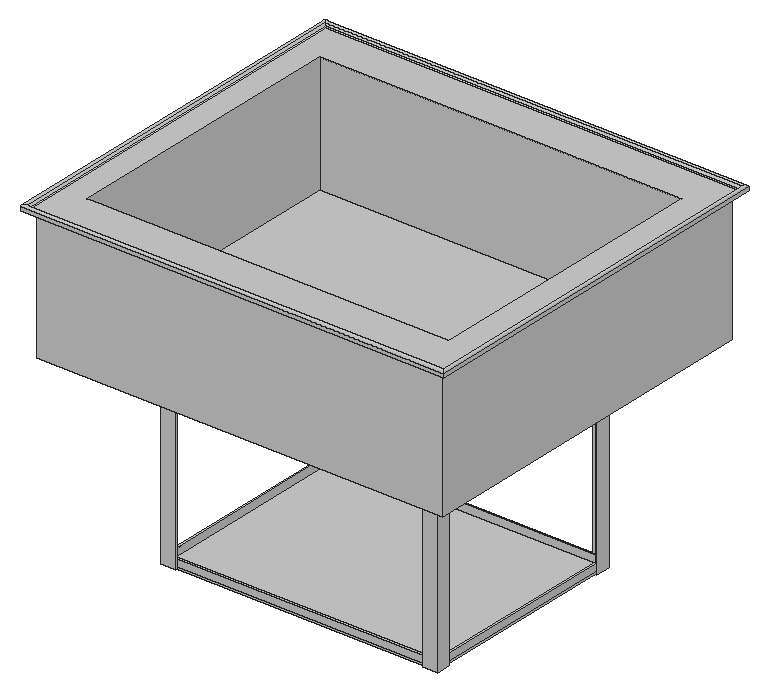
Revit family "QF_VOLLRATH_FC-4CP-02120-R", category Specialty Equipment, Revit 2016
Family settings
  Part Type = Normal
  Round Connector Dimension = Use Diameter
  OmniClass Number = 23.40.40.14.24.14
  OmniClass Title = Service Line Equipment
  Work Plane-Based = Yes
  Always vertical = Yes
  Cut with Voids When Loaded = Yes
  Shared = No
  Room Calculation Point = No
Parameters (values of type "FC-4CP-02120-R")
  Weight in Pounds = 103
  Watts = 384 W
  Waste Water Discharge Temperature [instance] = 0 °F
  Waste Remarks = ""
  Volts = 120 V
  URL Cutsheet = "www.vollrathfoodservice.com/downloads/211929/SPCDrop-InStandardRefrigL36186FC-4CP-pdf"
  URL = "www.vollrathfoodservice.com"
  Status [instance] = ""
  Specification by User [instance] = ""
  Specification by Manufacturer = ""
  Serial Number = ""
  Seismic Rating = ""
  SMACNA No = ""
  Revision Code [instance] = ""
  Plumbing Remarks [instance] = ""
  Plumbing Connection Type [instance] = ""
  Phase = 1
  Number of Poles = 1
  NAFEM Spec ID Number = ""
  Model = "FC-4CP-02120-R"
  Min Ckt Ampacity = 0 A
  Max Overcurrent Protection = 10 A
  Masterspec = ""
  Manufacturer = "VOLLRATH US"
  Item Number [instance] = ""
  Installed By [instance] = ""
  Identify Quantity as Lot [instance] = no
  HP = "0.5"
  Furnished By [instance] = ""
  Foodservice Equipment Identifier [instance] = yes
  FL Amps = 3.2 A
  Electrical Remarks [instance] = ""
  Electric Connection Type [instance] = "Plug&Receptacle"
  Elec Conn RI Height [instance] = 0"
  Elec Conn Connection Height [instance] = 0"
  Direct Waste Size = 1"
  Direct Waste RI Height = 0"
  Direct Waste Flow = 0 GPM
  Direct Waste Connection Height = 0"
  Description = "TWO-WELL 120-VOLT STANDARD REFRIGERATED MODULAR DROP-IN COLD WELL WITH FLAT FLANGE"
  Default Elevation = 0"
  Cycle = 60 Hz
  Conn Plug = "NEMA 5-15P"
  Conn Conduit [instance] = no
  CSI MasterFormat = ""
  Author = ""
  Assembly Code = "E1090320"
  Apparent Power = 384 VA
Reference planes (in)
  plane 1 "Back": y = 0
  plane 2: z = 0
  plane 3 "Left": x = 0
  plane 4 "Front": y = -26
  plane 5 "Top": z = 0
  plane 6 "Right": x = 29
Forms (in)
  Extrusion 1, void
    sketch origin (0, 0, 0) x (1, 0, 0) y (0, 1, 0)
      loop
        line (28.625, -0.375) -> (0.375, -0.375) -> (0.375, -25.625) -> (28.625, -25.625) -> (28.625, -0.375)
    from 3.27425 to -22.375
  Extrusion 2, solid
    sketch origin (0, 0, 0) x (1, 0, 0) y (0, 1, 0)
      loop
        line (28.375, -0.625) -> (0.625, -0.625) -> (0.625, -25.375) -> (28.375, -25.375) -> (28.375, -0.625)
      loop
        line (2.125, -3.0625) -> (2.125, -22.9375) -> (26.875, -22.9375) -> (26.875, -3.0625) -> (2.125, -3.0625)
    from 0 to 0.14643
  Extrusion 3, solid
    sketch origin (0, 0, 0) x (1, 0, 0) y (0, 1, 0)
      loop
        line (0.625, -0.625) -> (0.625, -25.375) -> (28.375, -25.375) -> (28.375, -0.625) -> (0.625, -0.625)
      loop
        line (26.875, -22.9375) -> (26.875, -3.0625) -> (2.125, -3.0625) -> (2.125, -22.9375) -> (26.875, -22.9375)
    from 0 to -9.067
  Sweep 4, solid
    path origin (0, 0, 0) x (1, 0, 0) y (0, 1, 0)
      loop
        line (0.34375, -0.34375) -> (0.34375, -25.65625) -> (28.65625, -25.65625) -> (28.65625, -0.34375) -> (0.34375, -0.34375)
    profile origin (14.5, -0.34375, 0) x (0, 1, 0) y (0, 0, 1)
      loop
        line (0.34375, 0) -> (0.34375, 0.24548)
        arc (0.34375, 0.24548) -> (0.25632, 0.36797) -> (0.11207, 0.3251) r 0.12952
        line (0.11207, 0.3251) -> (0.00446, 0.18703)
        arc (0.00446, 0.18703) -> (-0.03241, 0.15713) -> (-0.07866, 0.14643) r 0.10539
        line (-0.07866, 0.14643) -> (-0.28125, 0.14643) -> (-0.28125, 0) -> (0.34375, 0)
  Extrusion 5, solid
    sketch origin (0, 0, 2.308) x (1, 0, 0) y (0, 1, 0)
      loop
        line (26.875, -3.0625) -> (2.125, -3.0625) -> (2.125, -22.9375) -> (26.875, -22.9375) -> (26.875, -3.0625)
      loop
        circle (25.22195, -6.65142) r 0.75
    from -11.375 to -10.305
  Extrusion 6, solid
    sketch origin (5.95684, -178.4845, -22.25) x (-1, 0, 0) y (0, -1, 0)
      loop
        line (0.80059, -172.7345) -> (-0.07441, -172.7345) -> (-0.07441, -172.8595) -> (0.92559, -172.8595) -> (0.92559, -171.8595) -> (0.80059, -171.8595) -> (0.80059, -172.7345)
      loop
        line (-17.88691, -172.7345) -> (-17.88691, -171.8595) -> (-18.01191, -171.8595) -> (-18.01191, -172.8595) -> (-17.01191, -172.8595) -> (-17.01191, -172.7345) -> (-17.88691, -172.7345)
      loop
        line (0.80059, -158.3285) -> (0.80059, -159.2035) -> (0.92559, -159.2035) -> (0.92559, -158.2035) -> (-0.07441, -158.2035) -> (-0.07441, -158.3285) -> (0.80059, -158.3285)
      loop
        line (-17.88691, -158.3285) -> (-17.01191, -158.3285) -> (-17.01191, -158.2035) -> (-18.01191, -158.2035) -> (-18.01191, -159.2035) -> (-17.88691, -159.2035) -> (-17.88691, -158.3285)
    from -0.125 to 13.183
  Extrusion 7, solid
    sketch origin (5.95684, -178.4845, -22.375) x (-1, 0, 0) y (0, -1, 0)
      loop
        line (0.80059, -172.7345) -> (0.80059, -158.3285) -> (-17.88691, -158.3285) -> (-17.88691, -172.7345) -> (0.80059, -172.7345)
    from 0 to 0.125
  Extrusion 8, solid
    sketch origin (8.28434, -20.156, -22.25) x (1, 0, 0) y (0, 0, -1)
      loop
        line (-3.12809, -13.183) -> (15.55941, -13.183) -> (15.55941, -12.183) -> (-3.12809, -12.183) -> (-3.12809, -13.183)
    from 0 to 0.125
  Extrusion 9, solid
    sketch origin (8.28434, -5.75, -22.25) x (1, 0, 0) y (0, 0, 1)
      loop
        line (-3.12809, 13.183) -> (-3.12809, 12.183) -> (15.55941, 12.183) -> (15.55941, 13.183) -> (-3.12809, 13.183)
    from 0 to 0.125
  Extrusion 10, solid
    sketch origin (5.15625, -19.281, -22.25) x (0, -1, 0) y (0, 0, -1)
      loop
        line (0, -13.183) -> (0, -12.183) -> (-1.125, -12.183) -> (-1.125, -13.183) -> (0, -13.183)
      loop
        line (-12.656, -13.183) -> (-11.531, -13.183) -> (-11.531, -12.183) -> (-12.656, -12.183) -> (-12.656, -13.183)
    from 0 to -0.125
  Extrusion 11, solid
    sketch origin (23.84375, -19.281, -22.25) x (0, -1, 0) y (0, 0, 1)
      loop
        line (0, 13.183) -> (-1.125, 13.183) -> (-1.125, 12.183) -> (0, 12.183) -> (0, 13.183)
      loop
        line (-12.656, 13.183) -> (-12.656, 12.183) -> (-11.531, 12.183) -> (-11.531, 13.183) -> (-12.656, 13.183)
    from 0 to -0.125
  Extrusion 12, solid
    sketch origin (0, 0, -0.375) x (1, 0, 0) y (0, 1, 0)
      loop
        line (23.84375, -5.75) -> (5.15625, -5.75) -> (5.15625, -20.156) -> (23.84375, -20.156) -> (23.84375, -5.75)
      loop
        line (5.28125, -20.031) -> (23.71875, -20.031) -> (23.71875, -5.875) -> (5.28125, -5.875) -> (5.28125, -20.031)
    from -21.875 to -21.375
  Extrusion 13, solid
    sketch origin (0.75, 0, -0.375) x (1, 0, 0) y (0, 1, 0)
      loop
        circle (24.47195, -6.65142) r 0.5
      loop
        circle (24.47195, -6.65142) r 0.75
    from -8.692 to -7.622
  Extrusion 14, solid
    sketch origin (0, 0, -0.39384) x (1, 0, 0) y (0, 1, 0)
      loop
        circle (14.5, -13) r 0.25
    from -8.92316 to -8.67316
Cuts and joins
  joined: Extrusion 2, Extrusion 3, Sweep 4, Extrusion 5
Lines and regions (in)
  symbolic lines, style "200-EquipBorder-2D"
    curve 1: line (29, 0, 0) -> (0, 0, 0)
    curve 2: line (29, -26, 0) -> (29, 0, 0)
    curve 3: line (0, 0, 0) -> (0, -26, 0)
    curve 8: line (0, -26, 0) -> (29, -26, 0)
  symbolic lines, style "200-EquipInternal-2D"
    curve 4: line (26.875, -3.0625, 0) -> (2.125, -3.0625, 0)
    curve 5: line (26.875, -22.9375, 0) -> (26.875, -3.0625, 0)
    curve 6: line (2.125, -22.9375, 0) -> (26.875, -22.9375, 0)
    curve 7: line (2.125, -3.0625, 0) -> (2.125, -22.9375, 0)
    curve 9: arc (24.72195, -6.65142, 0) -> (25.22195, -6.15142, 0) -> (25.72195, -6.65142, 0) r 0.5
    curve 10: arc (25.72195, -6.65142, 0) -> (25.22195, -7.15142, 0) -> (24.72195, -6.65142, 0) r 0.5
    curve 11: arc (24.47195, -6.65142, 0) -> (25.22195, -5.90142, 0) -> (25.97195, -6.65142, 0) r 0.75
    curve 12: arc (25.97195, -6.65142, 0) -> (25.22195, -7.40142, 0) -> (24.47195, -6.65142, 0) r 0.75
Dimensions and locks (in)
  plane 3 "Left" to plane 6 "Right" = 29"
  plane 4 "Front" to plane 1 "Back" = 26"
  Extrusion 7 sketch curve to Extrusion 7 sketch curve = 18 11/16"
  aligned and locked: level to plane 2
Connectors (in)
  piping at (25.22195, -6.65142, -9.067), diameter 1, driven by "Direct Waste Flow", driven by "Direct Waste Size"
    settings: on Extrusion 5, index 3, connector inside diameter 24", connector length 0", flow factor 0, pipe flow 0 GPM, pressure drop 0.00 psi, fitting loss kfactor 0, connector angle 0.00°, fixture units 0, engagement length 0", angle of deflection 0.00°, flow configuration 1, flow direction 2, fitting loss method 0, system type 16, joint type 0, gender type 0, connector reference index -1, connector utility 0, adjustable connector no, is connector primary yes, connector description "Drain"
  electrical at (14.5, -13, -9.317), driven by "Number of Poles", driven by "Volts", driven by "Apparent Power"
    settings: on Extrusion 14, index 4, voltage 120 V, apparent load 384 VA, apparent load phase1 0 VA, apparent load phase2 0 VA, apparent load phase3 0 VA, power factor 1, load classification "Other", number of poles 1, system type 31, power factor state 1, is connector primary yes, connector utility no, sub classification motor no, connector description "Electrical connection"
